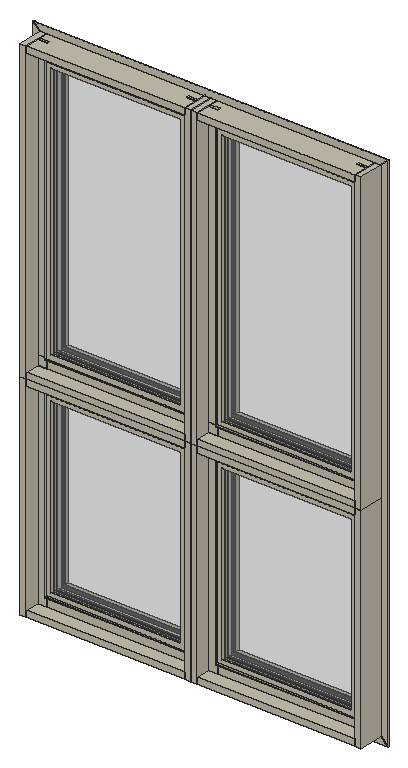
Revit family "9313c4c3-fb8c-42c8-b9a5-083582bd42ef", category Windows, host Wall, Revit 2014
Parameters (values of type "as Specified")
  glazingoffset [instance] = 0' - 0"  # constant formula
  glazingcl [instance] = 0' - 0"  # constant formula
  glasswidth [instance] = 0' - 0"
  glassheight [instance] = 0' - 0"
  framewidth [instance] = Unit Width / 2  # 2' - 0"
  Weatherstripping Color [instance] = Finish - WesternWindow - Black
  Water Penetration = "as Specified"
  Warranty Duration (Years) = 0
  WarmEdge Spacer Finish [instance] = Finish - WesternWindow - Clear Satin Anodized
  Visual Light Transmittance = VLT  # 0
  VLT = 0
  Unit Width [instance] = 4' - 0"
  Unit Height [instance] = 6' - 0"
  URL = "https://www.westernwindowsystems.com/"
  U = 1.0000 BTU/(h·ft²·°F)
  Thermal Resistance (R) = R  # 1.0000 (h·ft²·°F)/BTU
  Test Data = ""
  Standards Conformance = "as Specified"
  SpecWizard = ""
  Solar Heat Gain Coefficient = SHGC  # 0
  Show Nail Fin [instance] = yes
  Screen Material [instance] = Metal - Window Screen
  STC Rating = 0
  SHGC = 0
  RO Spacing_Top = 0' - 0 1/4"
  RO Spacing_Sides = 0' - 0 1/4"
  RO Spacing_Bottom = 0' - 0"
  R = 1.0000 (h·ft²·°F)/BTU
  Operation = "Awning"
  Miami Dade Conformance = "as Specified"
  Meets Egress = "as Specified"
  Maximum Size = "as Specified"
  Installation-Fabrication = ""
  Structural Test Pressure = "as Specified"
  Specification = ""
  Sales Information = "https://www.westernwindowsystems.com/contact-us"
  Rough Width [instance] = Width + (RO Spacing_Sides * 2)  # 4' - 0 1/2"
  Rough Height [instance] = Height + (RO Spacing_Top + RO Spacing_Bottom)  # 6' - 0 1/4"
  Product Properties = "https://www.westernwindowsystems.com/windows/series-670-hinged-window/"
  Product Data = "http://www.arcat.com/arcatcos/cos45/arc45818.html"
  Model = "670 Combination Pair Awning Casement"
  Manufacturer Website = "https://www.westernwindowsystems.com/"
  Manufacturer Phone - Toll Free = ""
  Manufacturer Phone = "602-268-1300"
  Manufacturer Fax = "602-243-3119"
  Manufacturer Address = "5621 S. 25th St.  Phoenix, AZ 85040"
  Manufacturer = "Western Window Systems"
  Maintenance Schedule (Months) = 0
  Keynote = "as Specified"
  Installation Phase = ""
  Inset from Exterior Wall [instance] = 0' - 0"
  Include Screen = yes
  Height [instance] = Unit Height  # 6' - 0"
  Heat Transfer Coefficient (U) = U  # 5.6783 W/(m²·K)
  Hardware Finish [instance] = none
  Green Building-LEED = ""
  Glazing Type [instance] = "as Specified"
  Glazing Tint [instance] = Glazing - Clear
  Glazing Thickness = 0' - 0 7/8"
  Glazing Configuration [instance] = "as Specified"
  Frame Mounting Setback = 0' - 1"
  Frame Finish [instance] = Finish - WesternWindow - Warmtone
  Frame Design_Nail Fin = yes
  Frame Depth = 0' - 4 1/2"  # constant formula
  Forced Entry Rating = "as Specified"
  Casement [instance] = Unit Height - Awning Height  # 3' - 6"
  Expected Lifespan (Years) = 0
  Drawn By = "Sumex Design, Inc. / Robert S. Weygant, CSI, CDT, SCIP"
  Description = "Western Window Combination Aluminum Casement over Awning Pair Window - as Specified"
  Wall Closure = By host
  Width [instance] = Unit Width  # 4' - 0"
  Daylight Opening Width [instance] = 0' - 0"
  Daylight Opening Height [instance] = 0' - 0"
  Copyright = "©Arcat Inc."
  Construction Details = ""
  Awning Height [instance] = 2' - 6"
  Awning 3D Swing Angle [instance] = 0.00°
  Assembly Code = ""
  Analytic Construction = "<None>"
  Air Infiltration = "as Specified"
  AAMA Designation = "as Specified"
  Casement 3D Swing Angle [instance] = 0.00°
Reference planes (in)
  plane 1 "Center (Front/Back)": y = 0.6426
  plane 2: z = 0
  plane 3 "CENTER RL": x = 0.75
  plane 4 "RO RIGHT": x = -23.5
  plane 5 "RO LEFT": x = 25
  plane 6 "RO BOTTOM": z = 32.875
  plane 7 "FRAME TOP": z = 104.875
  plane 8 "CENTER ELEVATION": z = 68.875
  plane 9 "FRAME LEFT": x = 24.75
  plane 10 "FRAME R": x = -23.25
  plane 11 "SILL": z = 32.875
  plane 12 "EXT WALL": y = 3.6426
  plane 13 "RO TOP": z = 105.125
  plane 14 "INT WALL": y = -2.3574
  plane 15: y = 4.6426
  plane 16: y = 0.1426
  plane 17: y = 3.6426
  plane 18: y = 0.1426
Forms (in)
  Extrusion 1, solid, material "Finish - WesternWindow - Warmtone" <- "Frame Finish", visible <- "Show Nail Fin"
    sketch origin (-19.69941, 4.6426, 48) x (-1, 0, 0) y (0, 0, 1)
      loop
        line (3.55059, 56.875) -> (4.55059, 57.875) -> (-45.44941, 57.875) -> (-44.44941, 56.875) -> (3.55059, 56.875)
    from -0.9375 to -1
  Extrusion 2, solid, material "Finish - WesternWindow - Warmtone" <- "Frame Finish", visible <- "Show Nail Fin"
    sketch origin (-19.69941, 4.6426, 48) x (-1, 0, 0) y (0, 0, 1)
      loop
        line (3.55059, -15.125) -> (-44.44941, -15.125) -> (-45.44941, -16.125) -> (4.55059, -16.125) -> (3.55059, -15.125)
    from -0.9375 to -1
  Extrusion 3, solid, material "Finish - WesternWindow - Warmtone" <- "Frame Finish", visible <- "Show Nail Fin"
    sketch origin (-19.69941, 4.6426, 48) x (-1, 0, 0) y (0, 0, 1)
      loop
        line (4.55059, 57.875) -> (3.55059, 56.875) -> (3.55059, -15.125) -> (4.55059, -16.125) -> (4.55059, 57.875)
      loop
        line (-45.44941, 57.875) -> (-45.44941, -16.125) -> (-44.44941, -15.125) -> (-44.44941, 56.875) -> (-45.44941, 57.875)
    from -0.9375 to -1
Lines and regions (in)
  Opening 1
    outline origin (-60, -2.3574, 0) x (1, 0, 0) y (0, 0, 1)
      loop
        line (36.5, 105.125) -> (36.5, 32.875) -> (85, 32.875) -> (85, 105.125) -> (36.5, 105.125)
Text (in)
  text "EXTERIOR" at (-86.77914, 11.17749, 0), in view "Plan View"
  text "INTERIOR" at (-86.77914, -6.09899, 0), in view "Plan View"
  text "Exterior" at (0, 43.65631, 123.19604), in view "Left"
  text "Exterior" at (0, 18.29385, 125.04747), in view "Right"
Dimensions and locks (in)
  equal spacing: plane 4 "RO RIGHT", plane 3 "CENTER RL", plane 5 "RO LEFT"
  "Width": plane 10 "FRAME R" to plane 9 "FRAME LEFT"
  equal spacing: plane 7 "FRAME TOP", plane 8 "CENTER ELEVATION", plane 6 "RO BOTTOM"
  "RO Spacing_Sides": plane 5 "RO LEFT" to plane 9 "FRAME LEFT"
  "RO Spacing_Sides": plane 4 "RO RIGHT" to plane 10 "FRAME R"
  "RO Spacing_Top": plane 7 "FRAME TOP" to plane 13 "RO TOP"
  "RO Spacing_Bottom": plane 6 "RO BOTTOM" to plane 11 "SILL"
  "Height": plane 11 "SILL" to plane 7 "FRAME TOP"
  "Frame Depth": plane 15 to plane 16
  "Frame Mounting Setback": plane 15 to plane 17
  "Inset from Exterior Wall": plane 17 to plane 12 "EXT WALL"
  "glazingcl": plane 18 to plane 16
  locked: Extrusion 1 sketch curve to plane 10 "FRAME R" at 1
  locked: Extrusion 1 sketch curve to plane 9 "FRAME LEFT" at 1
  locked: Extrusion 1 sketch curve to plane 7 "FRAME TOP" at 1
  locked: Extrusion 2 sketch curve to plane 10 "FRAME R" at 1
  locked: Extrusion 2 sketch curve to plane 9 "FRAME LEFT" at 1
  locked: plane 11 "SILL" to Extrusion 2 sketch curve at 1
  locked: Extrusion 3 sketch curve to plane 7 "FRAME TOP" at 1  (x2)
  locked: plane 11 "SILL" to Extrusion 3 sketch curve at 1  (x2)
  locked: Extrusion 3 sketch curve to plane 10 "FRAME R" at 1
  locked: Extrusion 3 sketch curve to plane 9 "FRAME LEFT" at 1
  aligned and locked: plane 6 "RO BOTTOM" to Opening 1 sketch curve  (x2)
  aligned and locked: plane 5 "RO LEFT" to Opening 1 sketch curve
  aligned and locked: plane 4 "RO RIGHT" to Opening 1 sketch curve
  aligned and locked: level to plane 2
  aligned and locked: plane 1 "Center (Front/Back)" to host wall
  aligned and locked: plane 12 "EXT WALL" to host wall
  aligned and locked: Opening 1 sketch curve to plane 13 "RO TOP"
  aligned and locked: plane 14 "INT WALL" to host wall
  aligned and locked: Extrusion 1 sketch curve to plane 7 "FRAME TOP"
  aligned and locked: plane 11 "SILL" to Extrusion 2 sketch curve
  aligned and locked: plane 9 "FRAME LEFT" to Extrusion 3 sketch curve
  aligned and locked: Extrusion 3 sketch curve to plane 10 "FRAME R"
  aligned and locked: nested 1 to plane 11 "SILL"
  aligned and locked: plane 18 to nested 2
  aligned and locked: plane 11 "SILL" to nested 3
  aligned and locked: plane 9 "FRAME LEFT" to nested 2
  aligned and locked: nested 4 to plane 10 "FRAME R"
  aligned and locked: nested 4 to plane 18
  aligned and locked: plane 18 to nested 1
  aligned and locked: nested 3 to plane 18
Automatic sketch dimensions
  Extrusion 1 sketch curve to plane 9 "FRAME LEFT" = 0' - 0"
  plane 10 "FRAME R" to Extrusion 1 sketch curve = 0' - 0"
  Extrusion 2 sketch curve to plane 9 "FRAME LEFT" = 0' - 0"
  plane 10 "FRAME R" to Extrusion 2 sketch curve = 0' - 0"
  Extrusion 3 sketch curve to plane 6 "RO BOTTOM" = 0' - 0"  (x2)
  Extrusion 3 sketch curve to plane 7 "FRAME TOP" = 0' - 0"  (x2)
Nested families (in)
  nested 1: "670Awn" at (24.75, 0.1426, 47.875) x (0, 0, 1) z (-1, 0, 0), weatherstripping color <- "Weatherstripping Color", warm edge spacer color <- "WarmEdge Spacer Finish", glazing <- "Glazing Tint", frame <- "Frame Finish", screen <- "Screen Material", swingangle <- "Awning 3D Swing Angle", width <- "Awning Height", height <- "framewidth", include screen <- "Include Screen", type "670Awn"
    with width 2' - 6", weatherstripping color Finish - WesternWindow - Black, warm edge spacer color Finish - WesternWindow - Clear Satin Anodized, swingangle 0.00°, screen Metal - Window Screen, include screen yes, height 2' - 0", glazingcontrol 2' - 2 13/16", glazing Glazing - Clear, frame Finish - WesternWindow - Warmtone
  nested 2: "670Case" at (12.75, 0.1426, 62.875), built-in parameter 1001364 <- "Awning Height", height <- "Casement", width <- "framewidth", weatherstripping color <- "Weatherstripping Color", warm edge spacer color <- "WarmEdge Spacer Finish", glazing <- "Glazing Tint", frame <- "Frame Finish", screen <- "Screen Material", swingangle <- "Casement 3D Swing Angle", type "670Case"
    with width 2' - 0", weatherstripping color Finish - WesternWindow - Black, warm edge spacer color Finish - WesternWindow - Clear Satin Anodized, swingangle 0.00°, screen Metal - Window Screen, height 3' - 6", glazingcontrol 1' - 8 13/16", glazing Glazing - Clear, frame Finish - WesternWindow - Warmtone
  nested 3: "670Awn" at (-23.25, 0.1426, 47.875) x (0, 0, 1) z (1, 0, 0), weatherstripping color <- "Weatherstripping Color", warm edge spacer color <- "WarmEdge Spacer Finish", glazing <- "Glazing Tint", frame <- "Frame Finish", screen <- "Screen Material", swingangle <- "Awning 3D Swing Angle", width <- "Awning Height", height <- "framewidth", include screen <- "Include Screen", type "670Awn"
    with width 2' - 6", weatherstripping color Finish - WesternWindow - Black, warm edge spacer color Finish - WesternWindow - Clear Satin Anodized, swingangle 0.00°, screen Metal - Window Screen, include screen yes, height 2' - 0", glazingcontrol 2' - 2 13/16", glazing Glazing - Clear, frame Finish - WesternWindow - Warmtone
  nested 4: "670Case" at (-11.25, 0.1426, 62.875) x (-1, 0, 0) z (0, 0, 1), built-in parameter 1001364 <- "Awning Height", height <- "Casement", width <- "framewidth", weatherstripping color <- "Weatherstripping Color", warm edge spacer color <- "WarmEdge Spacer Finish", glazing <- "Glazing Tint", frame <- "Frame Finish", screen <- "Screen Material", swingangle <- "Casement 3D Swing Angle", type "670Case"
    with width 2' - 0", weatherstripping color Finish - WesternWindow - Black, warm edge spacer color Finish - WesternWindow - Clear Satin Anodized, swingangle 0.00°, screen Metal - Window Screen, height 3' - 6", glazingcontrol 1' - 8 13/16", glazing Glazing - Clear, frame Finish - WesternWindow - Warmtone
Definition of nested family "670Awn"
  Parameters (values of type "670CaseAwn")
    width [instance] = 3' - 0"
    weatherstripping color [instance] = none
    warm edge spacer color [instance] = none
    swingangle [instance] = 0.00°
    screen [instance] = none
    include screen [instance] = yes
    height [instance] = 3' - 0"
    glazingcontrol [instance] = width - (0' 2 9/16") - (0' 2 9/16" - 0' 1 15/16")  # 2' - 8 13/16"
    glazing [instance] = none
    frame [instance] = none
    Default Elevation = 4' - 0"
  Reference planes (in)
    plane 1 "Center (Front/Back)": y = 0
    plane 2: z = 0
    plane 3 "Center (Left/Right)": x = 0
    plane 4: x = -18
    plane 5: x = 18
    plane 6: z = 36
    plane 7: z = 18
    plane 8: x = 17.375
  Forms (in)
    Sweep 1, solid, material <- "frame"
      path origin (0, 0, 0) x (1, 0, 0) y (0, 0, 1)
        loop
          line (-18, 35.125) -> (-18, 0.875)
      profile origin (-18, 0, 18) x (0, -1, 0) y (1, 0, 0)
        loop
          line (-3.28125, 0.875) -> (-4.5, 0.50239) -> (-4.5, 0) -> (0, 0) -> (0, 0.875) -> (-2, 0.875) -> (-2, 2.1875) -> (-2.34375, 2.1875) -> (-2.34375, 0.875) -> (-3.28125, 0.875)
    Sweep 2, solid, material <- "frame"
      path origin (0, 0, 0) x (-1, 0, 0) y (0, 0, 1)
        loop
          line (-18, 35.125) -> (-18, 0.875)
      profile origin (18, 0, 18) x (0, -1, 0) y (1, 0, 0)
        loop
          line (-4.5, -0.875) -> (-2.34375, -0.875) -> (-2.34375, -2.1875) -> (-2, -2.1875) -> (-2, -0.875) -> (0, -0.875) -> (0, 0) -> (-4.5, 0) -> (-4.5, -0.875)
    Sweep 3, solid, material <- "frame"
      path origin (0, 0, 0) x (1, 0, 0) y (0, 0, 1)
        loop
          line (-18, 0) -> (18, 0)
      profile origin (0, 0, 0) x (0, 0, 1) y (0, -1, 0)
        loop
          line (0, 0) -> (0, -4.5) -> (0.875, -4.5) -> (0.875, -2.34375) -> (2.1875, -2.34375) -> (2.1875, -2) -> (0.875, -2) -> (0.875, 0) -> (0, 0)
    Sweep 4, solid, material <- "frame"
      path origin (0, 0, 60) x (1, 0, 0) y (0, 0, 1)
        loop
          line (-18, -24) -> (18, -24)
      profile origin (0, 0, 36) x (0, 0, 1) y (0, -1, 0)
        loop
          line (-0.875, -4.5) -> (0, -4.5) -> (0, 0) -> (-0.875, 0) -> (-0.875, -2) -> (-2.1875, -2) -> (-2.1875, -2.34375) -> (-0.875, -2.34375) -> (-0.875, -4.5)
    Sweep 5, solid, material <- "weatherstripping color", detail levels medium+fine
      path origin (17.375, 4.5, 0) x (-1, 0, 0) y (0, 0, 1)
        loop
          line (35.375, 36) -> (-0.625, 36) -> (-0.625, 0) -> (35.375, 0) -> (35.375, 36)
      profile origin (0, 4.5, 36) x (0, 0, -1) y (0, 1, 0)
        loop
          line (3.0625, -2) -> (3.0625, -1.84375) -> (2.5625, -1.84375) -> (2.5625, -2) -> (3.0625, -2)
        loop
          line (2.5625, -0.59375) -> (2.5625, -0.96875) -> (3.3125, -0.96875) -> (3.3125, -0.90625) -> (3.21094, -0.90625) -> (3.125, -0.82031) -> (3.125, -0.59375) -> (2.5625, -0.59375)
    Extrusion 6, solid, material <- "glazing"
      sketch origin (17.375, 4.5, 0) x (-1, 0, 0) y (0, 0, 1)
        loop
          line (32.8125, 33.4375) -> (1.9375, 33.4375) -> (1.9375, 2.5625) -> (32.8125, 2.5625) -> (32.8125, 33.4375)
      from -1.84375 to -0.96875
    Sweep 7, solid, material <- "warm edge spacer color"
      path origin (17.375, 4.5, 0) x (-1, 0, 0) y (0, 0, 1)
        loop
          line (35.375, 36) -> (-0.625, 36) -> (-0.625, 0) -> (35.375, 0) -> (35.375, 36)
      profile origin (0, 4.5, 36) x (0, 0, -1) y (0, 1, 0)
        loop
          line (2.5625, -1.15625) -> (2.5625, -1.65625) -> (3, -1.65625) -> (3, -1.15625) -> (2.5625, -1.15625)
    Sweep 8, solid, material <- "frame"
      path origin (17.375, 4.5, 0) x (-1, 0, 0) y (0, 0, 1)
        loop
          line (35.375, 36) -> (-0.625, 36) -> (-0.625, 0) -> (35.375, 0) -> (35.375, 36)
      profile origin (0, 4.5, 36) x (0, 0, -1) y (0, 1, 0)
        loop
          line (1.90625, 0) -> (1.90625, -2.15625) -> (3.0625, -2.15625) -> (3.0625, -2) -> (2.5625, -2) -> (2.5625, -0.59375) -> (3.0625, -0.59375) -> (3.0625, 0.09375) -> (2.3125, 0.09375) -> (2.3125, 0.21875) -> (0.625, 0.21875) -> (0.625, 0) -> (1.90625, 0)
    Sweep 9, solid, material <- "frame", visible <- "include screen"
      path origin (0, 0, 0) x (1, 0, 0) y (0, 0, 1)
        loop
          line (-18, 36) -> (-18, 0) -> (18, 0) -> (18, 36) -> (-18, 36)
      profile origin (0, 0, 36) x (0, 0, 1) y (0, -1, 0)
        loop
          line (-2.1875, -2) -> (-2, -2) -> (-2, -1.9375) -> (-2.0625, -1.9375) -> (-2.28125, -1.875) -> (-2.875, -1.875) -> (-2.875, -2.15625) -> (-2.625, -2.15625) -> (-2.625, -2.34375) -> (-2.1875, -2.34375) -> (-2.1875, -2)
    Extrusion 10, solid, material <- "screen", visible <- "include screen"
      sketch origin (0, 0, 0) x (1, 0, 0) y (0, 0, 1)
        loop
          line (-15.375, 33.375) -> (-15.375, 2.625) -> (15.375, 2.625) -> (15.375, 33.375) -> (-15.375, 33.375)
      from -2.21971 to -2.15625
    Extrusion 11, void
      sketch origin (0, 0, 0) x (1, 0, 0) y (0, 0, 1)
        loop
          line (-17.125, 35.125) -> (-17.125, 33.8125) -> (-15.8125, 33.8125) -> (-15.8125, 35.125) -> (-17.125, 35.125)
        loop
          line (15.8125, 35.125) -> (15.8125, 33.8125) -> (17.125, 33.8125) -> (17.125, 35.125) -> (15.8125, 35.125)
        loop
          line (15.8125, 2.1875) -> (15.8125, 0.875) -> (17.125, 0.875) -> (17.125, 2.1875) -> (15.8125, 2.1875)
        loop
          line (-17.125, 2.1875) -> (-17.125, 0.875) -> (-15.8125, 0.875) -> (-15.8125, 2.1875) -> (-17.125, 2.1875)
      from 0 to -3.28125
  Cuts and joins
    Extrusion 11 cuts Sweep 1
    Extrusion 11 cuts Sweep 2
  Lines and regions (in)
    reference lines
      curve 1: line (17.375, 4.5, 0) -> (7.875, 4.5, 0)
    model lines, style "GenericModelHiddenLines"
      curve 2: line (-17.375, 4.71875, 35.375) -> (17.375, 4.71875, 18)
      curve 3: line (17.375, 4.71875, 18) -> (-17.375, 4.71875, 0.625)
      curve 4: line (-17.375, 2, 35.375) -> (17.375, 2, 18)
      curve 5: line (17.375, 2, 18) -> (-17.375, 2, 0.625)
  Dimensions and locks (in)
    equal spacing: plane 4, plane 3 "Center (Left/Right)", plane 5
    "width": plane 4 to plane 5
    "height": plane 6 to level
    locked: plane 6 to Extrusion 6 sketch curve at 2.5625
    locked: Extrusion 6 sketch curve to level at 2.5625
    locked: curve 1 to plane 5 at 0.625
    locked: plane 1 "Center (Front/Back)" to curve 1 at 4.5
    locked: Extrusion 6 sketch curve to curve 1 at 1.9375
    "glazingcontrol": curve 1 to Extrusion 6 sketch curve
    equal spacing: plane 6, plane 7, level
    locked: curve 1 to Sweep 8 sketch curve at 0.625
    "width": Sweep 8 sketch curve to Sweep 8 sketch curve
    locked: curve 1 to Sweep 5 sketch curve at 0.625
    "width": Sweep 5 sketch curve to Sweep 5 sketch curve
    locked: curve 1 to Sweep 7 sketch curve at 0.625
    "width": Sweep 7 sketch curve to Sweep 7 sketch curve
    locked: plane 5 to plane 8 at 0.625
    locked: plane 6 to Sweep 1 sketch curve at 0.875
    locked: Sweep 1 sketch curve to level at 0.875
    locked: plane 6 to Sweep 2 sketch curve at 0.875
    locked: Sweep 2 sketch curve to level at 0.875
    Extrusion 11 sketch curve to Extrusion 11 sketch curve to level = 0' - 1 5/16" locked, 0' - 0 7/8" locked  (x2)
    Extrusion 11 sketch curve to Extrusion 11 sketch curve to plane 4 = 0' - 1 5/16" locked, 0' - 0 7/8" locked  (x2)
    plane 5 to Extrusion 11 sketch curve to Extrusion 11 sketch curve = 0' - 0 7/8" locked, 0' - 1 5/16" locked  (x2)
    plane 6 to Extrusion 11 sketch curve to Extrusion 11 sketch curve = 0' - 0 7/8" locked, 0' - 1 5/16" locked  (x2)
    "swingangle": angle curve 1 to plane 1 "Center (Front/Back)"
    aligned and locked: plane 2 to level
    aligned and locked: Sweep 1 sketch curve to plane 4
    aligned and locked: Sweep 2 sketch curve to plane 5
    aligned and locked: Sweep 4 sketch curve to plane 6
    aligned and locked: level to Sweep 8 sketch curve
    aligned and locked: Sweep 8 sketch curve to plane 6
    aligned and locked: Sweep 9 sketch curve to Sweep 1
    aligned and locked: Sweep 9 sketch curve to Sweep 2
    aligned and locked: plane 7 to curve 2
    aligned and locked: plane 7 to curve 4
    aligned and locked: plane 8 to curve 4
    aligned and locked: plane 4 to Sweep 4 sketch curve
    aligned and locked: plane 4 to Sweep 3 sketch curve
    aligned and locked: plane 5 to Sweep 4 sketch curve
    aligned and locked: plane 5 to Sweep 3 sketch curve
    aligned and locked: Sweep 9 sketch curve to plane 6
    aligned and locked: level to Sweep 9 sketch curve
    aligned and locked: Sweep 5 sketch curve to plane 6
    aligned and locked: level to Sweep 5 sketch curve
    aligned and locked: level to Sweep 7 sketch curve
    aligned and locked: Sweep 7 sketch curve to plane 6
  Automatic sketch dimensions
    Sweep 3 sketch curve to level = 0' - 0"
    Sweep 4 sketch curve to plane 1 "Center (Front/Back)" = 0' - 0"
    profile plane to Sweep 4 sketch curve = 0' - 0"
    Sweep 4 sketch curve to Sweep 4 sketch curve = 0' - 0 7/8"  (x2)
    Sweep 4 sketch curve to Sweep 4 sketch curve = 0' - 1 5/16"
    Sweep 4 sketch curve to plane 1 "Center (Front/Back)" = 0' - 2"
    Sweep 4 sketch curve to Sweep 4 sketch curve = 0' - 0 11/32"
    Sweep 4 sketch curve to Sweep 4 sketch curve = 0' - 2 5/32"
    Sweep 2 sketch curve to profile plane = 0' - 0"
    plane 1 "Center (Front/Back)" to Sweep 2 sketch curve = 0' - 0"
    Sweep 2 sketch curve to plane 1 "Center (Front/Back)" = 0' - 2"
    Sweep 2 sketch curve to Sweep 2 sketch curve = 0' - 0 11/32"
    profile plane to Sweep 2 sketch curve = 0' - 0 7/8"
    Sweep 2 sketch curve to Sweep 2 sketch curve = 0' - 2 5/32"
    Sweep 2 sketch curve to Sweep 2 sketch curve = 0' - 1 5/16"
    Sweep 2 sketch curve to Sweep 2 sketch curve = 0' - 0"
    profile plane to Sweep 9 sketch curve = 0' - 2 7/8"
    Sweep 9 sketch curve to Sweep 9 sketch curve = 0' - 0 1/4"
    Sweep 9 sketch curve to Sweep 9 sketch curve = 0' - 0 11/32"  (x2)
    Sweep 9 sketch curve to Sweep 9 sketch curve = 0' - 0 7/32"
    Sweep 9 sketch curve to Sweep 9 sketch curve = 0' - 0 1/16"  (x2)
    Sweep 9 sketch curve to plane 1 "Center (Front/Back)" = 0' - 2 11/32"
    Sweep 9 sketch curve to Sweep 9 sketch curve = 0' - 0 3/16"  (x2)
    Sweep 9 sketch curve to Sweep 9 sketch curve = 0' - 0 1/8"
    plane 4 to Extrusion 10 sketch curve = 0' - 2 5/8"
    Extrusion 10 sketch curve to plane 5 = 0' - 2 5/8"
    level to Extrusion 10 sketch curve = 0' - 2 5/8"
    Extrusion 10 sketch curve to plane 6 = 0' - 2 5/8"
    Sweep 8 sketch curve to profile plane = 0' - 0"
    profile plane to Sweep 8 sketch curve = 0' - 0 7/32"
    Sweep 8 sketch curve to profile plane = 0' - 0 5/8"
    Sweep 8 sketch curve to Sweep 8 sketch curve = 0' - 1 9/32"
    Sweep 8 sketch curve to Sweep 8 sketch curve = 0' - 0 13/32"
    Sweep 8 sketch curve to Sweep 8 sketch curve = 0' - 0 1/4"
    profile plane to Sweep 8 sketch curve = 0' - 0 3/32"
    Sweep 8 sketch curve to Sweep 8 sketch curve = 0' - 0 3/4"
    Sweep 8 sketch curve to Sweep 8 sketch curve = 0' - 0 1/2"
    Sweep 8 sketch curve to profile plane = 0' - 0 19/32"
    Sweep 8 sketch curve to Sweep 8 sketch curve = 0' - 1 13/32"
    Sweep 8 sketch curve to Sweep 8 sketch curve = 0' - 0 5/32"
    Sweep 7 sketch curve to profile plane = 0' - 2 9/16"
    Sweep 7 sketch curve to Sweep 7 sketch curve = 0' - 0 7/16"
    Sweep 7 sketch curve to profile plane = 0' - 1 21/32"
    Sweep 7 sketch curve to Sweep 7 sketch curve = 0' - 0 1/2"
    Sweep 3 sketch curve to plane 1 "Center (Front/Back)" = 0' - 0"
    profile plane to Sweep 3 sketch curve = 0' - 0"
    Sweep 3 sketch curve to profile plane = 0' - 0 7/8"
    Sweep 3 sketch curve to Sweep 3 sketch curve = 0' - 0 7/8"
    Sweep 3 sketch curve to Sweep 3 sketch curve = 0' - 1 5/16"
    Sweep 3 sketch curve to Sweep 3 sketch curve = 0' - 2"
    Sweep 3 sketch curve to Sweep 3 sketch curve = 0' - 0 11/32"
    curve 3 to Sweep 8 = 0' - 0"  (x2)
    curve 2 to Sweep 8 = 0' - 0"  (x2)
    Sweep 8 to curve 3 = 0' - 0"
    Sweep 5 sketch curve to profile plane = 0' - 0 19/32"
    Sweep 5 sketch curve to profile plane = 0' - 2 9/16"
    Sweep 5 sketch curve to Sweep 5 sketch curve = 0' - 0"
    Sweep 5 sketch curve to Sweep 5 sketch curve = 0' - 0 1/2"
    Sweep 5 sketch curve to Sweep 5 sketch curve = 0' - 0 9/16"
    Sweep 5 sketch curve to profile plane = 0' - 0 29/32"
    Sweep 5 sketch curve to Sweep 5 sketch curve = 0' - 0 11/128"  (x2)
    Sweep 5 sketch curve to Sweep 5 sketch curve = 0' - 0 13/128"
    Sweep 5 sketch curve to Sweep 5 sketch curve = 0' - 0 1/16"
    Sweep 5 sketch curve to Sweep 5 sketch curve = 0' - 0 7/8"
    Sweep 5 sketch curve to Sweep 5 sketch curve = 0' - 0 5/32"
    Sweep 1 sketch curve to profile plane = 0' - 0"
    plane 1 "Center (Front/Back)" to Sweep 1 sketch curve = 0' - 0"
    Sweep 1 sketch curve to plane 1 "Center (Front/Back)" = 0' - 2"
    Sweep 1 sketch curve to Sweep 1 sketch curve = 0' - 0 11/32"
    Sweep 1 sketch curve to Sweep 1 sketch curve = 0' - 2 5/32"
    Sweep 1 sketch curve to Sweep 1 sketch curve = 0' - 0"
    Sweep 1 sketch curve to Sweep 1 sketch curve = 0' - 1 5/16"
    Sweep 1 sketch curve to profile plane = 0' - 0 7/8"
    Sweep 1 sketch curve to Sweep 1 sketch curve = 0' - 0 15/16"
    Sweep 1 sketch curve to profile plane = 0' - 0.50239"
    Sweep 3 sketch curve to Sweep 3 sketch curve = 0' - 2 5/32"
    curve 4 to Sweep 1 = 0' - 0 1/4"  (x2)
    curve 5 to Sweep 1 = 0' - 0 1/4"  (x2)
Definition of nested family "670Case"
  Parameters (values of type "670CaseAwn")
    width [instance] = 3' - 0"
    weatherstripping color [instance] = none
    warm edge spacer color [instance] = none
    swingangle [instance] = 0.00°
    screen [instance] = none
    height [instance] = 3' - 0"
    glazingcontrol [instance] = width - (0' 2 9/16") - (0' 2 9/16" - 0' 1 15/16")  # 2' - 8 13/16"
    glazing [instance] = none
    frame [instance] = none
    Default Elevation = 4' - 0"
  Reference planes (in)
    plane 1 "Center (Front/Back)": y = 0
    plane 2: z = 0
    plane 3 "Center (Left/Right)": x = 0
    plane 4: x = -18
    plane 5: x = 18
    plane 6: z = 36
    plane 7: z = 18
    plane 8: x = 17.375
  Forms (in)
    Sweep 1, solid, material <- "frame"
      path origin (0, 0, 0) x (1, 0, 0) y (0, 0, 1)
        loop
          line (-18, 36) -> (-18, 0)
      profile origin (-18, 0, 18) x (0, -1, 0) y (1, 0, 0)
        loop
          line (-4.5, 0.875) -> (-4.5, 0) -> (0, 0) -> (0, 0.875) -> (-2, 0.875) -> (-2, 2.1875) -> (-2.34375, 2.1875) -> (-2.34375, 0.875) -> (-4.5, 0.875)
    Sweep 2, solid, material <- "frame"
      path origin (0, 0, 0) x (-1, 0, 0) y (0, 0, 1)
        loop
          line (-18, 36) -> (-18, 0)
      profile origin (18, 0, 18) x (0, -1, 0) y (1, 0, 0)
        loop
          line (-4.5, -0.875) -> (-2.34375, -0.875) -> (-2.34375, -2.1875) -> (-2, -2.1875) -> (-2, -0.875) -> (0, -0.875) -> (0, 0) -> (-4.5, 0) -> (-4.5, -0.875)
    Sweep 3, solid, material <- "frame"
      path origin (0, 0, 0) x (1, 0, 0) y (0, 0, 1)
        loop
          line (-17.125, 0) -> (17.125, 0)
      profile origin (0, 0, 0) x (0, 0, 1) y (0, -1, 0)
        loop
          line (0, 0) -> (0, -4.5) -> (0.50239, -4.5) -> (0.875, -3.28125) -> (0.875, -2.34375) -> (2.1875, -2.34375) -> (2.1875, -2) -> (0.875, -2) -> (0.875, 0) -> (0, 0)
    Sweep 4, solid, material <- "frame"
      path origin (0, 0, 60) x (1, 0, 0) y (0, 0, 1)
        loop
          line (-17.125, -24) -> (17.125, -24)
      profile origin (0, 0, 36) x (0, 0, 1) y (0, -1, 0)
        loop
          line (-0.875, -4.5) -> (0, -4.5) -> (0, 0) -> (-0.875, 0) -> (-0.875, -2) -> (-2.1875, -2) -> (-2.1875, -2.34375) -> (-0.875, -2.34375) -> (-0.875, -4.5)
    Sweep 5, solid, material <- "weatherstripping color"
      path origin (17.375, 4.5, 0) x (-1, 0, 0) y (0, 0, 1)
        loop
          line (35.375, 36) -> (-0.625, 36) -> (-0.625, 0) -> (35.375, 0) -> (35.375, 36)
      profile origin (0, 4.5, 36) x (0, 0, -1) y (0, 1, 0)
        loop
          line (3.0625, -2) -> (3.0625, -1.84375) -> (2.5625, -1.84375) -> (2.5625, -2) -> (3.0625, -2)
        loop
          line (2.5625, -0.59375) -> (2.5625, -0.96875) -> (3.3125, -0.96875) -> (3.3125, -0.90625) -> (3.21094, -0.90625) -> (3.125, -0.82031) -> (3.125, -0.59375) -> (2.5625, -0.59375)
    Extrusion 6, solid, material <- "glazing"
      sketch origin (17.375, 4.5, 0) x (-1, 0, 0) y (0, 0, 1)
        loop
          line (32.8125, 33.4375) -> (1.9375, 33.4375) -> (1.9375, 2.5625) -> (32.8125, 2.5625) -> (32.8125, 33.4375)
      from -1.84375 to -0.96875
    Sweep 7, solid, material <- "warm edge spacer color"
      path origin (17.375, 4.5, 0) x (-1, 0, 0) y (0, 0, 1)
        loop
          line (35.375, 36) -> (-0.625, 36) -> (-0.625, 0) -> (35.375, 0) -> (35.375, 36)
      profile origin (0, 4.5, 36) x (0, 0, -1) y (0, 1, 0)
        loop
          line (2.5625, -1.15625) -> (2.5625, -1.65625) -> (3, -1.65625) -> (3, -1.15625) -> (2.5625, -1.15625)
    Sweep 8, solid, material <- "frame"
      path origin (17.375, 4.5, 0) x (-1, 0, 0) y (0, 0, 1)
        loop
          line (35.375, 36) -> (-0.625, 36) -> (-0.625, 0) -> (35.375, 0) -> (35.375, 36)
      profile origin (0, 4.5, 36) x (0, 0, -1) y (0, 1, 0)
        loop
          line (1.90625, 0) -> (1.90625, -2.15625) -> (3.0625, -2.15625) -> (3.0625, -2) -> (2.5625, -2) -> (2.5625, -0.59375) -> (3.0625, -0.59375) -> (3.0625, 0.09375) -> (2.3125, 0.09375) -> (2.3125, 0.21875) -> (0.625, 0.21875) -> (0.625, 0) -> (1.90625, 0)
    Sweep 9, solid, material <- "frame"
      path origin (0, 0, 0) x (1, 0, 0) y (0, 0, 1)
        loop
          line (-18, 36) -> (-18, 0) -> (18, 0) -> (18, 36) -> (-18, 36)
      profile origin (0, 0, 36) x (0, 0, 1) y (0, -1, 0)
        loop
          line (-2.1875, -2) -> (-2, -2) -> (-2, -1.9375) -> (-2.0625, -1.9375) -> (-2.28125, -1.875) -> (-2.875, -1.875) -> (-2.875, -2.15625) -> (-2.625, -2.15625) -> (-2.625, -2.34375) -> (-2.1875, -2.34375) -> (-2.1875, -2)
    Extrusion 10, solid, material <- "screen"
      sketch origin (0, 0, 0) x (1, 0, 0) y (0, 0, 1)
        loop
          line (-15.375, 33.375) -> (-15.375, 2.625) -> (15.375, 2.625) -> (15.375, 33.375) -> (-15.375, 33.375)
      from -2.21971 to -2.15625
  Lines and regions (in)
    reference lines
      curve 1: line (17.375, 4.5, 0) -> (7.875, 4.5, 0)
    model lines, style "GenericModelHiddenLines"
      curve 2: line (-17.375, 4.71875, 35.375) -> (17.375, 4.71875, 18)
      curve 3: line (17.375, 4.71875, 18) -> (-17.375, 4.71875, 0.625)
      curve 4: line (-17.375, 2, 35.375) -> (17.375, 2, 18)
      curve 5: line (17.375, 2, 18) -> (-17.375, 2, 0.625)
  Dimensions and locks (in)
    equal spacing: plane 4, plane 3 "Center (Left/Right)", plane 5
    "width": plane 4 to plane 5
    "height": plane 6 to level
    locked: Sweep 3 sketch curve to plane 4 at 0.875
    locked: plane 5 to Sweep 3 sketch curve at 0.875
    locked: plane 5 to Sweep 4 sketch curve at 0.875
    locked: Sweep 4 sketch curve to plane 4 at 0.875
    locked: plane 6 to Extrusion 6 sketch curve at 2.5625
    locked: Extrusion 6 sketch curve to level at 2.5625
    locked: curve 1 to plane 5 at 0.625
    locked: plane 1 "Center (Front/Back)" to curve 1 at 4.5
    locked: Extrusion 6 sketch curve to curve 1 at 1.9375
    "glazingcontrol": curve 1 to Extrusion 6 sketch curve
    equal spacing: plane 6, plane 7, level
    locked: curve 1 to Sweep 8 sketch curve at 0.625
    "width": Sweep 8 sketch curve to Sweep 8 sketch curve
    locked: curve 1 to Sweep 5 sketch curve at 0.625
    "width": Sweep 5 sketch curve to Sweep 5 sketch curve
    locked: curve 1 to Sweep 7 sketch curve at 0.625
    "width": Sweep 7 sketch curve to Sweep 7 sketch curve
    locked: plane 5 to plane 8 at 0.625
    "swingangle": angle curve 1 to plane 1 "Center (Front/Back)"
    aligned and locked: plane 2 to level
    aligned and locked: Sweep 1 sketch curve to plane 4
    aligned and locked: plane 6 to Sweep 1 sketch curve
    aligned and locked: plane 6 to Sweep 2 sketch curve
    aligned and locked: Sweep 2 sketch curve to plane 5
    aligned and locked: Sweep 4 sketch curve to plane 6
    aligned and locked: Sweep 5 sketch curve to Sweep 1
    aligned and locked: Sweep 5 sketch curve to Sweep 2
    aligned and locked: Sweep 7 sketch curve to Sweep 1
    aligned and locked: Sweep 7 sketch curve to Sweep 2
    aligned and locked: level to Sweep 8 sketch curve
    aligned and locked: Sweep 8 sketch curve to plane 6
    aligned and locked: Sweep 9 sketch curve to Sweep 1  (x2)
    aligned and locked: Sweep 9 sketch curve to Sweep 2  (x2)
    aligned and locked: plane 7 to curve 2
    aligned and locked: plane 7 to curve 4
    aligned and locked: plane 8 to curve 4
  Automatic sketch dimensions
    Sweep 1 sketch curve to level = 0' - 0"
    Sweep 2 sketch curve to level = 0' - 0"
    Sweep 3 sketch curve to level = 0' - 0"
    Sweep 4 sketch curve to plane 1 "Center (Front/Back)" = 0' - 0"
    profile plane to Sweep 4 sketch curve = 0' - 0"
    Sweep 4 sketch curve to Sweep 4 sketch curve = 0' - 0 7/8"  (x2)
    Sweep 4 sketch curve to Sweep 4 sketch curve = 0' - 1 5/16"
    Sweep 4 sketch curve to plane 1 "Center (Front/Back)" = 0' - 2"
    Sweep 4 sketch curve to Sweep 4 sketch curve = 0' - 0 11/32"
    Sweep 4 sketch curve to Sweep 4 sketch curve = 0' - 2 5/32"
    Sweep 2 sketch curve to profile plane = 0' - 0"
    plane 1 "Center (Front/Back)" to Sweep 2 sketch curve = 0' - 0"
    Sweep 2 sketch curve to plane 1 "Center (Front/Back)" = 0' - 2"
    Sweep 2 sketch curve to Sweep 2 sketch curve = 0' - 0 11/32"
    profile plane to Sweep 2 sketch curve = 0' - 0 7/8"
    Sweep 2 sketch curve to Sweep 2 sketch curve = 0' - 2 5/32"
    Sweep 2 sketch curve to Sweep 2 sketch curve = 0' - 1 5/16"
    Sweep 2 sketch curve to Sweep 2 sketch curve = 0' - 0"
    Sweep 1 sketch curve to profile plane = 0' - 0"
    plane 1 "Center (Front/Back)" to Sweep 1 sketch curve = 0' - 0"
    Sweep 1 sketch curve to plane 1 "Center (Front/Back)" = 0' - 2"
    Sweep 1 sketch curve to Sweep 1 sketch curve = 0' - 0 11/32"
    Sweep 1 sketch curve to profile plane = 0' - 0 7/8"
    Sweep 1 sketch curve to Sweep 1 sketch curve = 0' - 2 5/32"
    Sweep 1 sketch curve to Sweep 1 sketch curve = 0' - 0"
    Sweep 1 sketch curve to Sweep 1 sketch curve = 0' - 1 5/16"
    profile plane to Sweep 9 sketch curve = 0' - 2 7/8"
    Sweep 9 sketch curve to Sweep 9 sketch curve = 0' - 0 1/4"
    Sweep 9 sketch curve to Sweep 9 sketch curve = 0' - 0 11/32"  (x2)
    Sweep 9 sketch curve to Sweep 9 sketch curve = 0' - 0 7/32"
    Sweep 9 sketch curve to Sweep 9 sketch curve = 0' - 0 1/16"  (x2)
    Sweep 9 sketch curve to plane 1 "Center (Front/Back)" = 0' - 2 11/32"
    Sweep 9 sketch curve to Sweep 9 sketch curve = 0' - 0 3/16"  (x2)
    Sweep 9 sketch curve to Sweep 9 sketch curve = 0' - 0 1/8"
    plane 4 to Extrusion 10 sketch curve = 0' - 2 5/8"
    Extrusion 10 sketch curve to plane 5 = 0' - 2 5/8"
    level to Extrusion 10 sketch curve = 0' - 2 5/8"
    Extrusion 10 sketch curve to plane 6 = 0' - 2 5/8"
    Sweep 8 sketch curve to profile plane = 0' - 0"
    profile plane to Sweep 8 sketch curve = 0' - 0 7/32"
    Sweep 8 sketch curve to profile plane = 0' - 0 5/8"
    Sweep 8 sketch curve to Sweep 8 sketch curve = 0' - 1 9/32"
    Sweep 8 sketch curve to Sweep 8 sketch curve = 0' - 0 13/32"
    Sweep 8 sketch curve to Sweep 8 sketch curve = 0' - 0 1/4"
    profile plane to Sweep 8 sketch curve = 0' - 0 3/32"
    Sweep 8 sketch curve to Sweep 8 sketch curve = 0' - 0 3/4"
    Sweep 8 sketch curve to Sweep 8 sketch curve = 0' - 0 1/2"
    Sweep 8 sketch curve to profile plane = 0' - 0 19/32"
    Sweep 8 sketch curve to Sweep 8 sketch curve = 0' - 1 13/32"
    Sweep 8 sketch curve to Sweep 8 sketch curve = 0' - 0 5/32"
    Sweep 7 sketch curve to profile plane = 0' - 2 9/16"
    Sweep 7 sketch curve to Sweep 7 sketch curve = 0' - 0 7/16"
    Sweep 7 sketch curve to profile plane = 0' - 1 21/32"
    Sweep 7 sketch curve to Sweep 7 sketch curve = 0' - 0 1/2"
    Sweep 3 sketch curve to plane 1 "Center (Front/Back)" = 0' - 0"
    profile plane to Sweep 3 sketch curve = 0' - 0"
    Sweep 3 sketch curve to profile plane = 0' - 0 7/8"
    Sweep 3 sketch curve to Sweep 3 sketch curve = 0' - 0.50239"
    Sweep 3 sketch curve to Sweep 3 sketch curve = 0' - 1 5/16"
    Sweep 3 sketch curve to Sweep 3 sketch curve = 0' - 2"
    Sweep 3 sketch curve to Sweep 3 sketch curve = 0' - 0 11/32"
    Sweep 3 sketch curve to Sweep 3 sketch curve = 0' - 0 15/16"
    Sweep 3 sketch curve to Sweep 3 sketch curve = 0' - 0.37261"
    Sweep 3 sketch curve to Sweep 3 sketch curve = 0' - 1 7/32"
    curve 3 to Sweep 8 = 0' - 0"  (x2)
    curve 2 to Sweep 8 = 0' - 0"  (x2)
    Sweep 8 to curve 3 = 0' - 0"
    Sweep 5 sketch curve to profile plane = 0' - 0 19/32"
    Sweep 5 sketch curve to profile plane = 0' - 2 9/16"
    Sweep 5 sketch curve to Sweep 5 sketch curve = 0' - 0"
    Sweep 5 sketch curve to Sweep 5 sketch curve = 0' - 0 1/2"
    Sweep 5 sketch curve to Sweep 5 sketch curve = 0' - 0 9/16"
    Sweep 5 sketch curve to profile plane = 0' - 0 29/32"
    Sweep 5 sketch curve to Sweep 5 sketch curve = 0' - 0 11/128"  (x2)
    Sweep 5 sketch curve to Sweep 5 sketch curve = 0' - 0 13/128"
    Sweep 5 sketch curve to Sweep 5 sketch curve = 0' - 0 1/16"
    Sweep 5 sketch curve to Sweep 5 sketch curve = 0' - 0 7/8"
    Sweep 5 sketch curve to Sweep 5 sketch curve = 0' - 0 5/32"
    curve 4 to Sweep 1 = 0' - 0 1/4"
    Sweep 1 to curve 4 = 0' - 0 5/8"
    curve 5 to Sweep 1 = 0' - 0 1/4"
    Sweep 1 to curve 5 = 0' - 0 5/8"
